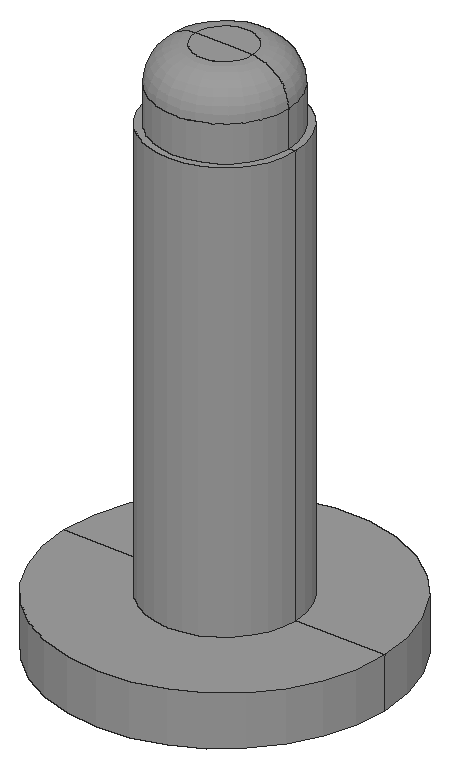
Revit family "DDH-SS-020", category Specialty Equipment, Revit 2013
Parameters
  Type Comments = "DORMA DDH-SS-020"
  Model = "DDH-SS-020"
  Manufacturer = "DORMA"
  Description = "DORMA DDH-SS-020"
Reference planes
  plane 1 "Center (Front/Back)": y = 0
  plane 2: z = 0
  plane 3 "Center (Left/Right)": x = 0
  plane 4: z = 76.016
Forms (mm)
  Revolve 1, solid, material "Matt chrome"
    sketch origin (0, 0, 0) x (1, 0, 0) y (0, 0, 1)
      loop
        line (-22.5, 0) -> (-21.5, 0) -> (-21.5, 6) -> (-9, 6) -> (-9, 66) -> (-10, 66) -> (-10, 7) -> (-22.5, 7) -> (-22.5, 0)
      axis (0, 66) -> (0, 0)
    angle from 0 to 360
  Revolve 2, solid, material "Default"
    sketch origin (0, 0, 0) x (1, 0, 0) y (0, 0, 1)
      loop
        line (-9, 66) -> (0, 66) -> (0, 76) -> (-4, 76)
        arc (-4, 76) -> (-7.536, 74.536) -> (-9, 71) r 5
        line (-9, 71) -> (-9, 66)
      axis (0, 76) -> (0, 66)
    angle from 0 to 360
Dimensions and locks
  Revolve 1 to Revolve 1 = 66 mm
  plane 4 to Revolve 1 = 76.016 mm
  plane 4 to Revolve 1 = 10.016 mm
  aligned and locked: level to plane 2
